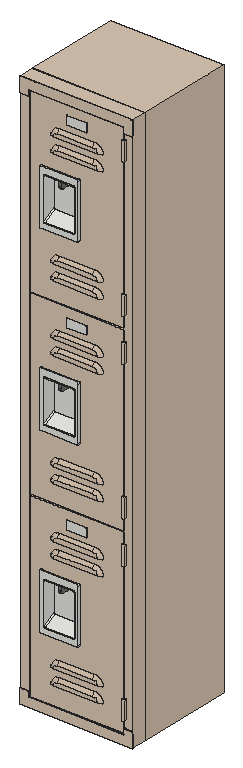
Revit family "Locker_SalsburyInd_Metal-3-Tier-Single", category Specialty Equipment, Revit 2026 (continued)
Definition of nested family "ML_End Panel"
  Parameters (values of type "Double")
    controldepth [instance] = if(Single End Panel, Depth, Depth * 2)  # 24.020"
    Width = 0.925"
    Visible = yes
    Version = "1.0 (11/30/15)"
    Type Comments = "Finished Double End Panel for Standard Metal Lockers"
    Single End Panel = no
    Model = ""
    MasterFormat Title = ""
    MasterFormat Number = ""
    Manufacturer = "Salsbury Industries"
    Height [instance] = 60.000"
    Finish [instance] = none
    Description = "Double End Panel"
    Depth [instance] = 12.010"
    Default Elevation = 0.000"
    Base Height [instance] = 0.750"
    Assembly Code = ""
  Types (3): name | controldepth | Visible | Type Comments | Single End Panel | Model | Height | Description
    Single | 12.010" | yes | "Finished End Panel for Standard Metal Lockers" | yes | "" | 60.000" | "End Panel"
    None | 12.010" | no | "Finished End Panel for Standard Metal Lockers" | yes | "n/a" | 72.000" | ""
    Double | 24.020" | yes | "Finished Double End Panel for Standard Metal Lockers" | no | "" | 60.000" | "Double End Panel"
  Reference planes (in)
    plane 1 "Center (Front/Back)": y = -2.167
    plane 2: z = 0
    plane 3 "Center (Left/Right)": x = -4.595
    plane 4 "Bottom of Panel": z = 0
    plane 5 "Top of Panel": z = 60
    plane 6 "Front of Panel": y = -14.177
    plane 7 "Right Side of Enclosure": x = -4.1325
    plane 8 "Left Side of Enclosure": x = -5.0575
    plane 9 "Back of Panel": y = 9.843
    plane 10: z = 30
    plane 11: z = 58.283
    plane 12: z = 1.717
    plane 13 "Outside Edge of Front Flap": y = -14.23714
    plane 14 "Outside Edge of Back Flap": y = 9.903
    plane 15: z = -0.75
  Forms (in)
    Extrusion 1, solid, material <- "Finish", visible <- "Visible"
      sketch origin (-4.1325, 0.48244, 0) x (0, 0, -1) y (0, -1, 0)
        loop
          line (-60, 14.71958) -> (-60, -9.42056) -> (0.75, -9.42056) -> (0.75, 14.71958) -> (-60, 14.71958)
      from 0 to -0.06
    Extrusion 2, solid, material <- "Finish", visible <- "Visible"
      sketch origin (0, 9.843, 0) x (0, 0, -1) y (1, 0, 0)
        loop
          line (-60, -5.0575) -> (0.75, -5.0575) -> (0.75, -4.1325) -> (-60, -4.1325) -> (-60, -5.0575)
      from 0 to -0.06
    Extrusion 3, solid, material <- "Finish", visible <- "Visible"
      sketch origin (0, -14.177, 0) x (1, 0, 0) y (0, 0, 1)
        loop
          line (-5.0575, 58.283) -> (-5.0575, 1.717) -> (-4.1325, 1.717) -> (-4.1325, 58.283) -> (-5.0575, 58.283)
      from 0.06014 to 0
  Dimensions and locks (in)
    equal spacing: plane 6 "Front of Panel", plane 1 "Center (Front/Back)", plane 9 "Back of Panel"
    "controldepth": plane 6 "Front of Panel" to plane 9 "Back of Panel"
    equal spacing: plane 8 "Left Side of Enclosure", plane 3 "Center (Left/Right)", plane 7 "Right Side of Enclosure"
    "Width": plane 8 "Left Side of Enclosure" to plane 7 "Right Side of Enclosure"
    locked: plane 5 "Top of Panel" to plane 11 at 1.717
    locked: plane 13 "Outside Edge of Front Flap" to plane 6 "Front of Panel" at 0.06014
    locked: plane 9 "Back of Panel" to plane 14 "Outside Edge of Back Flap" at 0.06
    "Base Height": level to plane 15
    locked: plane 12 to level at 1.717
    equal spacing: plane 5 "Top of Panel", plane 10, level
    "Height": plane 5 "Top of Panel" to level
    aligned and locked: level to plane 2
    aligned and locked: plane 5 "Top of Panel" to Extrusion 1 sketch curve
    aligned and locked: plane 5 "Top of Panel" to Extrusion 2 sketch curve
    aligned and locked: Extrusion 2 to plane 9 "Back of Panel"
    aligned and locked: plane 11 to Extrusion 3 sketch curve
    aligned and locked: plane 6 "Front of Panel" to Extrusion 3
    aligned and locked: plane 14 "Outside Edge of Back Flap" to Extrusion 2
    aligned and locked: Extrusion 1 to plane 14 "Outside Edge of Back Flap"
    aligned and locked: plane 13 "Outside Edge of Front Flap" to Extrusion 3
    aligned and locked: plane 7 "Right Side of Enclosure" to Extrusion 2
    aligned and locked: Extrusion 3 to plane 7 "Right Side of Enclosure"
    aligned and locked: Extrusion 1 to plane 15
    aligned and locked: Extrusion 2 to plane 15
  Automatic sketch dimensions
    Extrusion 1 sketch curve to level = 0.750"
    Extrusion 2 sketch curve to level = 0.750"
    plane 8 "Left Side of Enclosure" to Extrusion 2 sketch curve = 0.000"
    plane 7 "Right Side of Enclosure" to Extrusion 2 sketch curve = 0.000"
    plane 8 "Left Side of Enclosure" to Extrusion 3 sketch curve = 0.000"
    Extrusion 3 sketch curve to plane 12 = 0.000"
    plane 7 "Right Side of Enclosure" to Extrusion 3 sketch curve = 0.000"
    Extrusion 1 sketch curve to plane 14 "Outside Edge of Back Flap" = 0.000"
    plane 6 "Front of Panel" to Extrusion 1 sketch curve = 0.06014"
Definition of nested family "ML_Front Filler"
  Parameters (values of type "Width as Specified")
    Width [instance] = 9.000"
    Visible = yes
    Version = "1.0 (11/30/15)"
    Type Comments = "Vertical Front Filler for Standard Metal Lockers"
    Model = ""
    MasterFormat Title = ""
    MasterFormat Number = ""
    Manufacturer = "Salsbury Industries"
    Height [instance] = 60.000"
    Finish [instance] = none
    Description = "Vertical Front Filler"
    Depth = 1.000"
    Default Elevation = 48.000"
    Base Height [instance] = 3.000"
    Assembly Code = ""
  Types (2): name | Width | Visible | Model | Height | Description | Depth
    None | 15.000" | no | "n/a" | 78.000" | "" | 1.500"
    Width as Specified | 9.000" | yes | "" | 60.000" | "Vertical Front Filler" | 1.000"
  Reference planes (in)
    plane 1 "Center (Front/Back)": y = -2.167
    plane 2: z = 0
    plane 3 "Center (Left/Right)": x = -4.595
    plane 4 "Bottom of Filler": z = 0
    plane 5 "Top of Panel": z = 63
    plane 6 "Front of Filler": y = -2.667
    plane 7 "Right Side of Filler": x = -0.095
    plane 8 "Left Side of Filler": x = -9.095
    plane 9 "Back of Filler": y = -1.667
    plane 10: z = 33
    plane 11: z = 3
  Forms (in)
    Extrusion 1, solid, material <- "Finish", visible <- "Visible"
      sketch origin (0, 0, 0) x (0, -1, 0) y (1, 0, 0)
        loop
          line (1.667, -9.095) -> (2.667, -9.095) -> (2.667, -1.095) -> (2.619, -1.095) -> (2.619, -9.047) -> (1.667, -9.047) -> (1.667, -9.095)
      from 0 to 63
    Extrusion 2, solid, material <- "Finish", visible <- "Visible"
      sketch origin (0, -0.20425, 0) x (0, -1, 0) y (1, 0, 0)
        loop
          line (1.55875, -0.095) -> (1.55875, -0.143) -> (2.51075, -0.143) -> (2.51075, -0.82524) -> (2.36675, -0.82524) -> (2.36675, -1.80024) -> (2.41475, -1.80024) -> (2.41475, -1.095) -> (2.46275, -1.095) -> (2.46275, -1.595) -> (2.55875, -1.595) -> (2.55875, -0.095) -> (1.55875, -0.095)
      from 0 to 63
  Dimensions and locks (in)
    equal spacing: plane 6 "Front of Filler", plane 1 "Center (Front/Back)", plane 9 "Back of Filler"
    "Depth": plane 6 "Front of Filler" to plane 9 "Back of Filler"
    equal spacing: plane 8 "Left Side of Filler", plane 3 "Center (Left/Right)", plane 7 "Right Side of Filler"
    "Width": plane 8 "Left Side of Filler" to plane 7 "Right Side of Filler"
    "Height": plane 5 "Top of Panel" to plane 11
    equal spacing: plane 5 "Top of Panel", plane 10, plane 11
    "Base Height": plane 11 to level
    locked: Extrusion 1 sketch curve to plane 7 "Right Side of Filler" at 1
    Extrusion 2 sketch curve to Extrusion 2 sketch curve to Extrusion 2 sketch curve to Extrusion 2 sketch curve to plane 7 "Right Side of Filler" = 0.20524" locked, 0.500" locked, 0.26976" locked, 0.73024" locked
    aligned and locked: level to plane 2
    aligned and locked: Extrusion 1 to plane 5 "Top of Panel"
    aligned and locked: Extrusion 2 to plane 5 "Top of Panel"
  Automatic sketch dimensions
    plane 9 "Back of Filler" to Extrusion 1 sketch curve = 0.000"
    plane 6 "Front of Filler" to Extrusion 1 sketch curve = 0.000"
    Extrusion 1 sketch curve to plane 8 "Left Side of Filler" = 0.000"
    Extrusion 1 sketch curve to plane 6 "Front of Filler" = 0.048"
    Extrusion 1 sketch curve to Extrusion 1 sketch curve = 0.048"
    Extrusion 2 sketch curve to plane 7 "Right Side of Filler" = 0.000"
    plane 6 "Front of Filler" to Extrusion 2 sketch curve = 0.000"
    Extrusion 2 sketch curve to plane 6 "Front of Filler" = 0.048"
    Extrusion 2 sketch curve to Extrusion 2 sketch curve = 0.048"  (x2)
    plane 9 "Back of Filler" to Extrusion 2 sketch curve = 0.096"
    Extrusion 2 sketch curve to Extrusion 2 sketch curve = 0.096"
    plane 7 "Right Side of Filler" to Extrusion 2 sketch curve = 0.048"
Definition of nested family "ML_Top Filler"
  Parameters (values of type "Flat Top In-Line")
    Width [instance] = 15.000"
    Version = "1.0 (11/30/15)"
    Type Comments = "Flat Top In-Line Filler for Standard Metal Lockers"
    Sloped Height [instance] = if(Depth = 12.000", 6.625", if(Depth = 15.000", 8.682", if(Depth = 18.000", 10.739", 0.000")))  # 6.625"
    SlopeInline = no
    SlopeCorner = no
    Model = ""
    MasterFormat Title = ""
    MasterFormat Number = ""
    Manufacturer = "Salsbury Industries"
    FlatInline = yes
    FlatCorner = no
    Finish [instance] = none
    Description = "Flat Top In-Line Filler"
    Depth [instance] = 12.000"
    Default Elevation = 48.000"
    Corner Width [instance] = Depth + 0.625"  # 12.625"
    Assembly Code = ""
  Types (5): name | Type Comments | SlopeInline | SlopeCorner | FlatInline | FlatCorner | Description
    None | "Top Filler for Standard Metal Lockers" | no | no | no | no | "Top Filler"
    Sloped In-Line | "Sloping Hood In-Line Filler for Standard Metal Lockers" | yes | no | no | no | "Sloping Hood In-Line Filler"
    Flat Top In-Line | "Flat Top In-Line Filler for Standard Metal Lockers" | no | no | yes | no | "Flat Top In-Line Filler"
    Flat Top Corner | "Flat Top Corner Filler for Standard Metal Lockers" | no | no | no | yes | "Flat Top Corner Filler"
    Sloped Corner | "Sloping Hood Corner Filler for Standard Metal Lockers" | no | yes | no | no | "Sloping Hood Corner Filler"
  Reference planes (in)
    plane 1 "Center (Front/Back)": y = -2.167
    plane 2: z = 0
    plane 3 "Center (Left/Right)": x = -4.595
    plane 4 "Bottom of Panel": z = 0
    plane 5 "Front of Panel": y = -8.167
    plane 6 "Right Side of Enclosure": x = 10.405
    plane 7 "Back of Panel": y = 3.833
    plane 8: z = 6.625
    plane 9: y = -8.2295
    plane 10: x = -5.22
  Forms (in)
    Extrusion 1, solid, material <- "Finish", visible <- "SlopeInline"
      sketch origin (-4.595, 0, 0) x (0, 1, 0) y (0, 0, 1)
        loop
          line (-8.2775, 0.04551) -> (-8.2775, -1.028) -> (-8.2295, -1.028) -> (-8.2295, 0) -> (3.833, 6.625) -> (3.833, 6.69688) -> (-8.2775, 0.04551)
      from 0 to 15
    Extrusion 2, solid, material <- "Finish", visible <- "FlatInline"
      sketch origin (-4.595, 0.26285, 0) x (0, 1, 0) y (0, 0, 1)
        loop
          line (-8.54035, -1.028) -> (-8.49235, -1.028) -> (-8.49235, 0) -> (3.57015, 0) -> (3.57015, 0.048) -> (-8.54035, 0.048) -> (-8.54035, -1.028)
      from 0 to 15
    Extrusion 3, solid, material <- "Finish", visible <- "FlatCorner"
      sketch origin (6.3125, -0.3125, 0) x (0, -1, 0) y (1, 0, 0)
        loop
          line (7.8545, -11.5325) -> (7.8545, -10.9075) -> (8.4795, -10.9075) -> (8.4795, 1.0925) -> (-4.1455, 1.0925) -> (-4.1455, -11.5325) -> (7.8545, -11.5325)
      from 0 to 0.048
    Extrusion 4, solid, material <- "Finish", visible <- "SlopeCorner"
      sketch origin (-5.22, -180, 0.048) x (0, 0, 1) y (0, -1, 0)
        loop
          line (-0.00249, -171.7225) -> (-0.048, -171.7225) -> (-0.048, -171.7705) -> (6.577, -183.833) -> (6.64888, -183.833) -> (-0.00249, -171.7225)
      from 0 to 12.625 <- "Corner Width"
    Extrusion 5, solid, material <- "Finish", visible <- "SlopeCorner"
      sketch origin (0.34565, 3.833, -4.20312) x (0, 0, -1) y (1, 0, 0)
        loop
          line (-4.24872, -5.05115) -> (-4.20312, -5.05115) -> (-4.20312, -5.00315) -> (-10.82812, 7.05935) -> (-10.90008, 7.05935) -> (-4.24872, -5.05115)
      from 0 to 12.625 <- "Corner Width"
    Extrusion 6, void
      sketch origin (0, 0, 0) x (0, -1, 0) y (1, 0, 0)
        loop
          line (-3.833, -5.22) -> (8.792, -5.22) -> (-3.833, 7.405) -> (-3.833, -5.22)
      from -1.028 to 21.6885
    Extrusion 7, void
      sketch origin (3.572, -3.572, 0) x (-1, 0, 0) y (0, -1, 0)
        loop
          line (-3.833, 5.22) -> (-3.833, -7.405) -> (8.2775, 4.7055) -> (8.2775, 5.22) -> (-3.833, 5.22)
      from 19.08316 to -2.57539
  Cuts and joins
    Extrusion 7 cuts Extrusion 4
    Extrusion 6 cuts Extrusion 5
  Dimensions and locks (in)
    equal spacing: plane 5 "Front of Panel", plane 1 "Center (Front/Back)", plane 7 "Back of Panel"
    "Depth": plane 5 "Front of Panel" to plane 7 "Back of Panel"
    "Width": plane 3 "Center (Left/Right)" to plane 6 "Right Side of Enclosure"
    "Sloped Height": plane 8 to level
    locked: plane 9 to plane 5 "Front of Panel" at 0.0625
    locked: Extrusion 1 sketch curve to Extrusion 1 sketch curve at 0.063
    locked: Extrusion 1 sketch curve to plane 9 at 0.048
    Extrusion 2 sketch curve to plane 9 to Extrusion 2 sketch curve = 0.048" locked, 0.000" locked
    "Corner Width": Extrusion 3 sketch curve to plane 7 "Back of Panel"
    "Corner Width": Extrusion 3 sketch curve to Extrusion 3 sketch curve
    locked: Extrusion 3 sketch curve to plane 3 "Center (Left/Right)" at 0.625
    locked: Extrusion 4 sketch curve to plane 9 at 0.048
    locked: Extrusion 4 sketch curve to Extrusion 4 sketch curve at 0.063
    locked: plane 3 "Center (Left/Right)" to plane 10 at 0.625
    "Corner Width": plane 10 to Extrusion 6 sketch curve
    "Corner Width": Extrusion 6 sketch curve to plane 7 "Back of Panel"
    "Corner Width": Extrusion 7 sketch curve to plane 7 "Back of Panel"
    "Corner Width": plane 10 to Extrusion 7 sketch curve
    "Corner Width": Extrusion 5 sketch curve to plane 10
    locked: Extrusion 5 sketch curve to Extrusion 5 sketch curve at 0.06308
    plane 3 "Center (Left/Right)" to Extrusion 5 sketch curve to Extrusion 5 sketch curve = 0.0625" locked, 0.048" locked
    locked: Extrusion 7 sketch curve to plane 3 "Center (Left/Right)" at 0.1105
    aligned and locked: level to plane 2
    aligned and locked: Extrusion 1 to plane 6 "Right Side of Enclosure"
    aligned and locked: Extrusion 1 to plane 3 "Center (Left/Right)"
    aligned and locked: plane 8 to Extrusion 1 sketch curve
    aligned and locked: Extrusion 1 sketch curve to plane 7 "Back of Panel"
    aligned and locked: level to Extrusion 1 sketch curve
    aligned and locked: Extrusion 1 sketch curve to plane 9
    aligned and locked: plane 7 "Back of Panel" to Extrusion 2 sketch curve
    aligned and locked: Extrusion 2 to plane 3 "Center (Left/Right)"
    aligned and locked: Extrusion 2 to plane 6 "Right Side of Enclosure"
    aligned and locked: plane 3 "Center (Left/Right)" to Extrusion 3 sketch curve
    aligned and locked: Extrusion 3 sketch curve to plane 5 "Front of Panel"
    aligned and locked: plane 9 to Extrusion 4 sketch curve
    aligned and locked: Extrusion 4 sketch curve to level
    aligned and locked: plane 8 to Extrusion 4 sketch curve
    aligned and locked: plane 7 "Back of Panel" to Extrusion 4 sketch curve
    aligned and locked: Extrusion 5 sketch curve to level
    aligned and locked: Extrusion 6 sketch curve to plane 7 "Back of Panel"
    aligned and locked: Extrusion 6 sketch curve to plane 10
    aligned and locked: plane 8 to Extrusion 5 sketch curve
  Automatic sketch dimensions
    Extrusion 1 sketch curve to level = 1.028"
    Extrusion 2 sketch curve to level = 0.000"
    Extrusion 2 sketch curve to level = 1.028"
    level to Extrusion 2 sketch curve = 0.048"
    plane 7 "Back of Panel" to Extrusion 3 sketch curve = 0.000"
    plane 7 "Back of Panel" to Extrusion 7 sketch curve = 0.000"
    plane 9 to Extrusion 7 sketch curve = 0.048"
